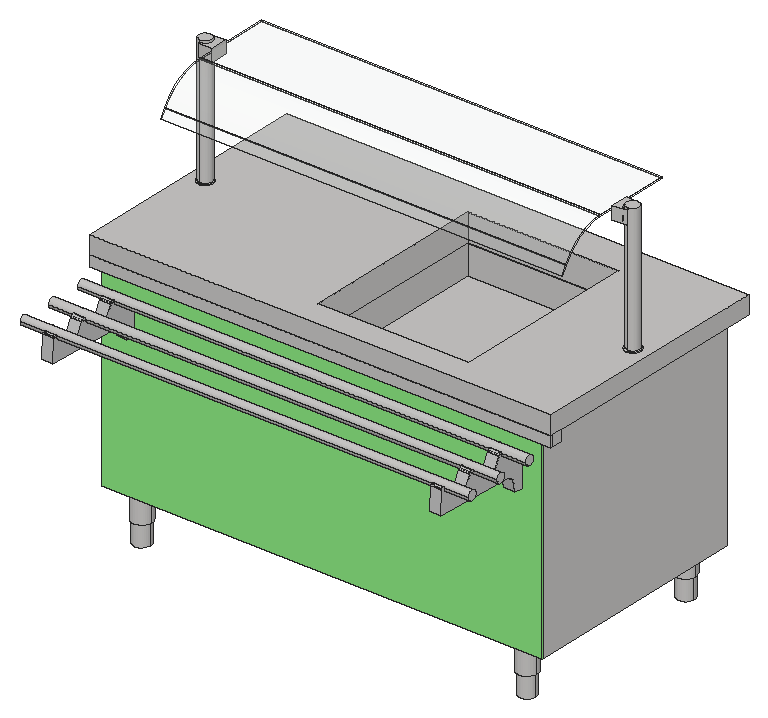
Revit family "QF_BOURGEAT_Self_Meuble_neutre_GN4", category Equipement spécialisé, Revit 2015
Parameters (values of type "GN4_dessus_decoupe+etageres")
  dessus_plat = no
  dessus_decoupe = yes
  URL catalogue = "http://www.bourgeat.fr/fr/"
  URL = ""
  Type de Raccord Electrique = ""
  Type article = ""
  Tension = 0 V
  Spécification du Fabricant = "Meuble_neutre_OASIS"
  Roues = no
  Remarques Electricité = ""
  Puissance électrique  = 0 W
  Profondeur hors tout = 820 mm
  Poids net à vide = 150.00 kg
  Pieds = yes
  lgmeuble = Longueur hors tout - 68 mm  # 1466 mm
  lgconsole = Longueur hors tout - 44 mm  # 1490 mm
  lg_presentoir = lgmeuble - 44 mm  # 1422 mm
  lg_etagere = lgmeuble - 404 mm  # 1062 mm
  Presentoir = no
  Phase = 0
  Nature isolant = "Laine de verre"
  Modèle = "854224+854954"
  Longueur hors tout = 1534 mm
  Intensité nominale = 0 A
  Indice de protection = "21"
  Hauteur hors tout = 900 mm
  Fréquence = 0 Hz
  Fabricant = "BOURGEAT"
  Etageres = yes
  Contact SAV = "0033 (0)4.76.32.14.44"
  Charge max = 150.00 kg
  Certification = "NF alimentaire"
Types (16, lengths in mm): name | dessus_plat | dessus_decoupe | Tension | Roues | Puissance électrique  | Poids net à vide | Pieds | Presentoir | Phase | Modèle | Intensité nominale | Hauteur hors tout | Fréquence | Etageres
  GN4_dessus_decoupe | no | yes | 0 V | no | 0 W | 150.00 kg | yes | no | 0 | "854224" | 0 A | 900 | 0 Hz | no
  GN4_dessus_plat | yes | no | 0 V | no | 0 W | 150.00 kg | yes | no | 0 | "854114" | 0 A | 900 | 0 Hz | no
  GN4_dessus_plat+rampe_chauffante | yes | no | 230 V | no | 640 W | 170.00 kg | yes | yes | 2 | "854114+851324" | 2.78261 A | 1330 | 50 Hz | no
  GN4_dessus_plat+roues | yes | no | 0 V | yes | 0 W | 150.00 kg | no | no | 0 | "854114+854950" | 0 A | 900 | 0 Hz | no
  GN4_dessus_plat+etageres | yes | no | 0 V | no | 0 W | 150.00 kg | yes | no | 0 | "854114+854954" | 0 A | 900 | 0 Hz | yes
  GN4_dessus_plat+rampe_chauffante+roues | yes | no | 230 V | yes | 640 W | 170.00 kg | no | yes | 2 | "854114+851324+854950" | 2.78261 A | 1330 | 50 Hz | no
  GN4_dessus_plat+rampe_chauffante+etageres | yes | no | 230 V | no | 640 W | 170.00 kg | yes | yes | 2 | "854114+851324+854954" | 2.78261 A | 1330 | 50 Hz | yes
  GN4_dessus_plat+roues+etageres | yes | no | 0 V | yes | 0 W | 150.00 kg | no | no | 0 | "854114+854950+854954" | 0 A | 900 | 0 Hz | yes
  GN4_dessus_plat+rampe_chauffante+roues+etageres | yes | no | 230 V | yes | 640 W | 170.00 kg | no | yes | 2 | "854114+851324+854950+854954" | 2.78261 A | 1330 | 50 Hz | yes
  GN4_dessus_decoupe+presentoir_chauffant | no | yes | 230 V | no | 640 W | 170.00 kg | yes | yes | 2 | "854224+851324" | 2.78261 A | 1330 | 50 Hz | no
  GN4_dessus_decoupe+roues | no | yes | 0 V | yes | 0 W | 150.00 kg | no | no | 0 | "854224+854950" | 0 A | 900 | 0 Hz | no
  GN4_dessus_decoupe+etageres | no | yes | 0 V | no | 0 W | 150.00 kg | yes | no | 0 | "854224+854954" | 0 A | 900 | 0 Hz | yes
  GN4_dessus_decoupe+presentoir_chauffant+roues | no | yes | 230 V | yes | 640 W | 170.00 kg | no | yes | 2 | "854224+851324+854950" | 2.78261 A | 1330 | 50 Hz | no
  GN4_dessus_decoupe+presentoir_chauffant+etageres | no | yes | 230 V | no | 640 W | 170.00 kg | yes | yes | 2 | "854224+851324+854954" | 2.78261 A | 1330 | 50 Hz | yes
  GN4_dessus_decoupe+roues+etageres | no | yes | 0 V | yes | 0 W | 150.00 kg | no | no | 0 | "854224+854950+854954" | 0 A | 900 | 0 Hz | yes
  GN4_dessus_decoupe+presentoir_chauffant+roues+etageres | no | yes | 230 V | yes | 640 W | 170.00 kg | no | yes | 2 | "854224+851324+854950+854954" | 2.78261 A | 1330 | 50 Hz | yes
Reference planes
  plane 1 "Centre (avant/arrière)": y = 0
  plane 2: z = 0
  plane 3 "Centre (gauche/droite)": x = 0
  plane 4: z = 235
  plane 5: z = 465
  plane 6: z = 284
  plane 7: z = 640
  plane 8: x = -1397
  plane 9: y = 590
Forms (mm)
  Extrusion 1, solid
    sketch origin (0, 0, 0) x (1, 0, 0) y (0, 1, 0)
      loop
        circle (-1397, 590) r 10
    from 147.533 to 160
Dimensions and locks
  locked: plane 4 to plane 2 at 235
  locked: plane 6 to plane 2 at 284
  locked: plane 7 to plane 2 at 640
  aligned and locked: level to plane 2
  aligned and locked: plane 3 "Centre (gauche/droite)" to nested 1
  aligned and locked: plane 1 "Centre (avant/arrière)" to nested 1
  aligned and locked: nested 3 to nested 1
  aligned and locked: nested 1 to plane 2
  aligned and locked: plane 7 to nested 3
  aligned and locked: nested 5 to nested 1  (x2)
  aligned and locked: nested 4 to nested 1  (x2)
  aligned and locked: plane 4 to nested 5
  aligned and locked: nested 4 to plane 5
  aligned and locked: nested 1 to nested 2
  aligned and locked: nested 7 to nested 1  (x2)
  aligned and locked: nested 7 to nested 2
  aligned and locked: nested 6 to nested 7  (x2)
  aligned and locked: nested 6 to nested 2
  aligned and locked: nested 3 to nested 7
  aligned and locked: plane 8 to Extrusion 1 sketch curve
  aligned and locked: plane 9 to Extrusion 1 sketch curve
  aligned and locked: nested 1 to Extrusion 1
Nested families
  nested 1: "corps_meuble" at (0, 0, 160), type "corps_meuble"
  nested 2: "presentoir" at (-732, 402, 551.997) x (0, 1, 0) z (0, 0, 1), type "presentoir"
    with lg_presentoir 1422 mm
  nested 3: "barre_et_console" at (-732, 0, 465) x (-1, 0, 0) z (0, 0, 1), type "barre_et_console"
    with lg_ht 1534 mm, lg_barre_console 1490 mm
  nested 4: "etagere" at (-733, 80, 427) x (-1, 0, 0) z (0, 0, 1), visible <- "Etageres", type "etagere"
    with lg_etagere 1062 mm
  nested 5: "etagere" at (-733, 80, 197) x (-1, 0, 0) z (0, 0, 1), visible <- "Etageres", type "etagere"
    with lg_etagere 1062 mm
  nested 6: "dessus_decoupe" at (-732, 402, 808), visible <- "dessus_decoupe", type "dessus_découpe"
    with lg_cuve 1534 mm
  nested 7: "dessus_plat" at (-732, 402, 808), visible <- "dessus_plat", type "dessus_plat"
    with lg_cuve 1534 mm
Connectors
  electrical at (-1397, 590, 147.533), driven by "Tension"
    settings: on Extrusion 1, index 1, voltage 0 V, apparent load 0 VA, apparent load phase1 0 VA, apparent load phase2 0 VA, apparent load phase3 0 VA, power factor 1, load classification "Autre", number of poles 1, system type 30, power factor state 1, is connector primary yes, connector utility no, sub classification motor no, connector description ""
Definition of nested family "corps_meuble"
  Parameters (values of type "corps_meuble")
    roues = no
    pieds = yes
    lg_meuble = lg_ht - 70 mm  # 1464 mm
    lg_ht = 1534 mm
  Reference planes
    plane 1 "Centre (avant/arrière)": y = 0
    plane 2: z = 0
    plane 3 "Centre (gauche/droite)": x = 0
    plane 4: x = -480.227
    plane 5: z = 680
    plane 6: x = -732
    plane 7: x = -379.227
    plane 8: x = -1464
    plane 9: x = -1414
    plane 10: x = -202
    plane 11: x = -50
    plane 12: x = -1262
    plane 13: x = -1374
    plane 14: x = -90
    plane 15: z = 519
    plane 16: x = -1371
    plane 17: x = -93
    plane 18: y = 53
    plane 19: y = 712
    plane 20: y = 402
    plane 21: y = -1
  Forms (mm)
    Extrusion 1, solid
      sketch origin (-379.227, -50.814, 0) x (1, 0, 0) y (0, 1, 0)
        loop
          line (-1084.773, 815.814) -> (-1084.773, 50.814) -> (379.227, 50.814) -> (379.227, 815.814) -> (177.227, 815.814) -> (177.227, 130.814) -> (-882.773, 130.814) -> (-882.773, 815.814) -> (-1084.773, 815.814)
      from 0 to 680
    Extrusion 2, void
      sketch origin (-379.227, 0, 0) x (1, 0, 0) y (0, 1, 0)
        loop
          line (-1034.773, 699.99) -> (-1034.773, 119.99) -> (329.227, 119.99) -> (329.227, 699.99) -> (-1034.773, 699.99)
      from 541.178 to 680
    Extrusion 3, solid
      sketch origin (0, 0, 0) x (1, 0, 0) y (0, 1, 0)
        loop
          line (-1414, 699.99) -> (-1414, 119.99) -> (-1262, 119.99) -> (-1262, 699.99) -> (-1414, 699.99)
        loop
          line (-202, 699.99) -> (-202, 119.99) -> (-50, 119.99) -> (-50, 699.99) -> (-202, 699.99)
      from 541.178 to 680
    Extrusion 4, solid
      sketch origin (0, 0, 0) x (1, 0, 0) y (0, 0, 1)
        loop
          line (-1464, 680) -> (-1464, 0) -> (0, 0) -> (0, 680) -> (-1464, 680)
      from 0 to 1
  Cuts and joins
    Extrusion 2 cuts Extrusion 1
  Dimensions and locks
    locked: plane 5 to plane 2 at 680
    locked: plane 8 to plane 9 at 50
    locked: plane 10 to plane 3 "Centre (gauche/droite)" at 202
    locked: plane 11 to plane 3 "Centre (gauche/droite)" at 50
    equal spacing: plane 8, plane 6, plane 3 "Centre (gauche/droite)"
    "lg_meuble": plane 8 to plane 3 "Centre (gauche/droite)"
    locked: plane 8 to plane 12 at 202
    locked: plane 8 to plane 13 at 90
    locked: plane 14 to plane 3 "Centre (gauche/droite)" at 90
    locked: plane 15 to plane 2 at 519
    locked: plane 8 to plane 16 at 93
    locked: plane 17 to plane 3 "Centre (gauche/droite)" at 93
    locked: cut or joined group of Extrusion 1, Extrusion 2 to plane 20 at 363
    aligned and locked: level to plane 2
    aligned and locked: plane 5 to Extrusion 1
    aligned and locked: cut or joined group of Extrusion 1, Extrusion 2 to plane 8
    aligned and locked: Extrusion 2 to plane 9
    aligned and locked: Extrusion 1 to plane 10
    aligned and locked: plane 11 to cut or joined group of Extrusion 1, Extrusion 2
    aligned and locked: plane 12 to cut or joined group of Extrusion 1, Extrusion 2
    aligned and locked: nested 1 to plane 13
    aligned and locked: plane 14 to nested 2
    aligned and locked: nested 2 to cut or joined group of Extrusion 1, Extrusion 2
    aligned and locked: nested 1 to cut or joined group of Extrusion 1, Extrusion 2
    aligned and locked: nested 1 to plane 15
    aligned and locked: nested 2 to plane 15
    aligned and locked: plane 13 to nested 3
    aligned and locked: plane 19 to nested 3
    aligned and locked: nested 4 to plane 18
    aligned and locked: plane 13 to nested 4
    aligned and locked: nested 5 to plane 18
    aligned and locked: plane 17 to nested 5
    aligned and locked: plane 19 to nested 6
    aligned and locked: plane 17 to nested 6
    aligned and locked: plane 17 to nested 9
    aligned and locked: plane 19 to nested 9
    aligned and locked: nested 10 to plane 18
    aligned and locked: plane 17 to nested 10
    aligned and locked: nested 8 to plane 18
    aligned and locked: plane 13 to nested 8
    aligned and locked: plane 13 to nested 7
    aligned and locked: plane 19 to nested 7
    aligned and locked: nested 4 to plane 2
    aligned and locked: nested 3 to plane 2
    aligned and locked: nested 7 to plane 2
    aligned and locked: nested 10 to plane 2
    aligned and locked: nested 9 to plane 2
    aligned and locked: nested 5 to plane 2
    aligned and locked: nested 6 to plane 2
    aligned and locked: Extrusion 3 sketch curve to cut or joined group of Extrusion 1, Extrusion 2  (x8)
    aligned and locked: Extrusion 4 sketch curve to cut or joined group of Extrusion 1, Extrusion 2  (x4)
    aligned and locked: plane 21 to Extrusion 4
  Automatic sketch dimensions
    Extrusion 1 sketch curve to plane 8 = 0 mm
    Extrusion 1 sketch curve to plane 10 = 0 mm
    plane 1 "Centre (avant/arrière)" to Extrusion 1 sketch curve = 0 mm
    Extrusion 1 sketch curve to plane 3 "Centre (gauche/droite)" = 0 mm
    Extrusion 1 sketch curve to plane 1 "Centre (avant/arrière)" = 80 mm
    Extrusion 1 sketch curve to plane 6 = 530 mm
    Extrusion 1 sketch curve to Extrusion 1 sketch curve = 685 mm
    Extrusion 1 sketch curve to Extrusion 1 sketch curve = 765 mm
    Extrusion 2 sketch curve to plane 9 = 0 mm
    Extrusion 2 sketch curve to plane 11 = 0 mm
    Extrusion 2 sketch curve to plane 1 "Centre (avant/arrière)" = 119.99 mm
    Extrusion 2 sketch curve to Extrusion 2 sketch curve = 580 mm
  Nested families
    nested 1: "Prise" at (-1331, 790, 562), type "Prise"
    nested 2: "Prise" at (-133, 790, 562), type "Prise"
    nested 3: "pied" at (-1374, 712, -160), visible <- "pieds", type "pied"
    nested 4: "pied" at (-1374, 53, -160), visible <- "pieds", type "pied"
    nested 5: "pied" at (-93, 53, -160), visible <- "pieds", type "pied"
    nested 6: "pied" at (-93, 712, -160), visible <- "pieds", type "pied"
    nested 7: "roue_ht160" at (-1374, 712, -160.21), visible <- "roues", type "roue_ht160"
      with Sans frein yes, Avec frein yes
    nested 8: "roue_ht160" at (-1374, 53, -160.21), visible <- "roues", type "roue_ht160"
      with Sans frein yes, Avec frein yes
    nested 9: "roue_ht160" at (-93, 712, -160.21), visible <- "roues", type "roue_ht160"
      with Sans frein yes, Avec frein yes
    nested 10: "roue_ht160" at (-93, 53, -160.21), visible <- "roues", type "roue_ht160"
      with Sans frein yes, Avec frein yes
  Definition of nested family "Prise"
    Reference planes
      plane 1 "Centre (avant/arrière)": y = 0
      plane 2: z = 0
      plane 3 "Centre (gauche/droite)": x = 0
      plane 4: x = 43
      plane 5: x = -43
      plane 6: z = 43
      plane 7: z = -43
      plane 8: y = -25
    Forms (mm)
      Extrusion 1, solid
        sketch origin (0, 0, 0) x (1, 0, 0) y (0, 0, 1)
          loop
            line (-43, 43) -> (-43, -43) -> (43, -43) -> (43, 43) -> (-43, 43)
        from 0 to 25
    Dimensions and locks
      locked: plane 8 to plane 1 "Centre (avant/arrière)" at 25
      aligned and locked: level to plane 2
      aligned and locked: Extrusion 1 sketch curve to plane 6
      aligned and locked: Extrusion 1 sketch curve to plane 5
      aligned and locked: Extrusion 1 sketch curve to plane 7
      aligned and locked: Extrusion 1 sketch curve to plane 4
      aligned and locked: Extrusion 1 to plane 8
  Definition of nested family "pied"
    Reference planes
      plane 1 "Centre (avant/arrière)": y = 0
      plane 2: z = 0
      plane 3 "Centre (gauche/droite)": x = 0
    Forms (mm)
      Revolve 1, solid
        sketch origin (0, 0, 0) x (1, 0, 0) y (0, 0, 1)
          loop
            line (0, 160) -> (-33, 160) -> (-33, 70) -> (-28, 70) -> (-28, 0) -> (0, 0) -> (0, 160)
          axis (0, 160) -> (0, 0)
        angle from 0 to 360
    Dimensions and locks
      plane 3 "Centre (gauche/droite)" to Revolve 1 sketch curve = 28 mm
      Revolve 1 sketch curve to plane 3 "Centre (gauche/droite)" = 33 mm
      Revolve 1 sketch curve to plane 2 = 70 mm
      Revolve 1 sketch curve to Revolve 1 sketch curve = 90 mm
      aligned and locked: level to plane 2
  Definition of nested family "roue_ht160"
    Parameters (values of type "roue_ht160")
      Sans frein [instance] = yes
      Avec frein [instance] = yes
    Reference planes
      plane 1 "Centre (avant/arrière)": y = 0
      plane 2: z = 0
      plane 3 "Centre (gauche/droite)": x = 0
      plane 4: y = 40.851
      plane 5: z = 62.5
    Forms (mm)
      Extrusion 1, solid
        sketch origin (0, 0, 0) x (0, 1, 0) y (0, 0, 1)
          loop
            circle (40.851, 62.5) r 62.5
          loop
            circle (40.851, 62.5) r 57.5
        from -12.5 to 12.5
      Revolve 2, solid
        sketch origin (0, 0, 0) x (0, 1, 0) y (0, 0, 1)
          loop
            line (0, 160.21) -> (-20.149, 160.21) -> (-20.149, 159.41) -> (-21.6, 159.41)
            arc (-21.6, 159.41) -> (-24.448, 158.65) -> (-26.537, 156.572) r 5.712
            line (-26.537, 156.572) -> (-30.146, 147.743) -> (-26.999, 147.062) -> (-26.999, 146.112)
            arc (-26.999, 146.112) -> (-27.23, 145.314) -> (-27.849, 144.761) r 1.5
            arc (-27.849, 144.761) -> (-29.223, 143.633) -> (-29.923, 142) r 3.75
            line (-29.923, 142) -> (0, 142) -> (0, 160.21)
          axis (0, 160.21) -> (0, 142)
        angle from 0 to 360
      Extrusion 3, solid
        sketch origin (0, 0, 0) x (0, 1, 0) y (0, 0, -1)
          loop
            line (-29.974, -138.241) -> (-29.974, -142) -> (21.747, -142) -> (21.747, -60.336)
            arc (21.747, -60.336) -> (10.272, -70.702) -> (-0.149, -82.127) r 160.057
            arc (-0.149, -82.127) -> (-17.883, -108.684) -> (-29.974, -138.241) r 159.585
        from -24.913 to -23.038
      Extrusion 4, solid
        sketch origin (0, 0, 0) x (0, 1, 0) y (0, 0, 1)
          loop
            line (-29.974, 142) -> (-29.974, 140.869) -> (21.747, 140.869) -> (21.747, 142) -> (-29.974, 142)
        from -23.038 to 23.038
      Extrusion 5, solid
        sketch origin (0, 0, 0) x (0, 1, 0) y (0, 0, 1)
          loop
            circle (40.851, 62.5) r 57.5
          loop
            circle (40.851, 62.5) r 55
        from -12.5 to 12.5
      Extrusion 6, solid
        sketch origin (0, 0, 0) x (0, 1, 0) y (0, 0, 1)
          loop
            circle (40.851, 62.5) r 55
        from -7 to 7
      Extrusion 7, solid
        sketch origin (0, 0, 0) x (0, 1, 0) y (0, 0, 1)
          loop
            circle (40.851, 62.5) r 21
        from 7 to 15
      Extrusion 8, solid
        sketch origin (0, 0, 0) x (0, 1, 0) y (0, 0, -1)
          loop
            circle (40.851, -62.5) r 16
        from -23.038 to -15
      Extrusion 9, solid, visible <- "Sans frein"
        sketch origin (0, 0, 0) x (0, 1, 0) y (0, 0, 1)
          loop
            arc (21.747, 60.336) -> (23.188, 59.17) -> (24.642, 58.02) r 161.23
            arc (24.642, 58.02) -> (29.34, 54.513) -> (34.187, 51.216) r 133.333
            arc (34.187, 51.216) -> (46.517, 50.3) -> (53.927, 60.198) r 12.867
            arc (53.927, 60.198) -> (54.714, 99.183) -> (46.119, 137.216) r 161.222
            arc (46.119, 137.216) -> (45.679, 138.887) -> (45.531, 140.609) r 10.076
            line (45.531, 140.609) -> (45.531, 142) -> (21.747, 142) -> (21.747, 60.336)
        from 23.038 to 24.913
      Extrusion 10, solid, visible <- "Sans frein"
        sketch origin (0, 0, 0) x (0, 1, 0) y (0, 0, 1)
          loop
            line (21.747, 142) -> (21.747, 140.701) -> (48.851, 140.701) -> (48.851, 142) -> (21.747, 142)
        from -23.038 to 23.038
      Extrusion 11, solid, visible <- "Avec frein"
        sketch origin (0, 0, 0) x (0, 1, 0) y (0, 0, 1)
          loop
            line (21.747, 142) -> (21.747, 60.336)
            arc (21.747, 60.336) -> (23.177, 59.179) -> (24.62, 58.038) r 160.008
            arc (24.62, 58.038) -> (29.041, 54.705) -> (33.574, 51.527) r 160
            arc (33.574, 51.527) -> (46.135, 50.422) -> (53.724, 60.491) r 13
            arc (53.724, 60.491) -> (55.279, 82.092) -> (53.902, 103.704) r 160
            arc (53.902, 103.704) -> (55.53, 108.653) -> (60.415, 110.463) r 6
            arc (60.415, 110.463) -> (80.625, 109.924) -> (100.725, 112.107) r 150
            arc (100.725, 112.107) -> (104.408, 113.406) -> (107.479, 115.819) r 12
            line (107.479, 115.819) -> (110.851, 121.523)
            arc (110.851, 121.523) -> (85.913, 134.651) -> (58.706, 142) r 127.902
            line (58.706, 142) -> (21.747, 142)
        from 23.038 to 24.913
      Extrusion 12, solid, visible <- "Avec frein"
        sketch origin (0, 0, 0) x (0, 1, 0) y (0, 0, 1)
          loop
            line (58.706, 142) -> (21.747, 142) -> (21.747, 140) -> (58.552, 140)
            arc (58.552, 140) -> (85.253, 132.762) -> (109.73, 119.866) r 125.902
            line (109.73, 119.866) -> (110.851, 121.523)
            arc (110.851, 121.523) -> (85.913, 134.651) -> (58.706, 142) r 127.902
        from -23.038 to 23.038
      Extrusion 13, solid, visible <- "Avec frein"
        sketch origin (0, 19.896, 18.175) x (0, 1, 0) y (0, 0, 1)
          loop
            line (87.583, 97.644) -> (91.829, 95.227)
            arc (91.829, 95.227) -> (93.8, 95.006) -> (95.312, 96.29) r 2.5
            arc (95.312, 96.29) -> (103.495, 100.002) -> (111.176, 104.666) r 74.999
            line (111.176, 104.666) -> (110.852, 105.929)
            arc (110.852, 105.929) -> (110.04, 107.086) -> (108.666, 107.417) r 2
            arc (108.666, 107.417) -> (101.396, 105.849) -> (94.512, 103.034) r 42.354
            line (94.512, 103.034) -> (93.479, 101.228) -> (93.285, 100.414) -> (91.69, 101.675) -> (90.401, 102.412) -> (87.583, 97.644)
        from -23.038 to 23.038
      Extrusion 14, solid, not visible
        sketch origin (0, 0, 0) x (0, 1, 0) y (0, 0, -1)
          loop
            line (-29.974, -138.241) -> (-29.974, -142) -> (21.747, -142) -> (21.747, -60.336)
            arc (21.747, -60.336) -> (10.272, -70.702) -> (-0.149, -82.127) r 160.057
            arc (-0.149, -82.127) -> (-17.883, -108.684) -> (-29.974, -138.241) r 159.585
        from -24.913 to -23.038
      Extrusion 15, solid, not visible
        sketch origin (0, 0, 0) x (0, 1, 0) y (0, 0, 1)
          loop
            circle (40.851, 62.5) r 21
        from 7 to 15
      Extrusion 16, solid, not visible
        sketch origin (0, 0, 0) x (0, 1, 0) y (0, 0, -1)
          loop
            circle (40.851, -62.5) r 16
        from -23.038 to -15
      Extrusion 17, solid, visible <- "Sans frein", not visible
        sketch origin (0, 0, 0) x (0, 1, 0) y (0, 0, 1)
          loop
            arc (21.747, 60.336) -> (23.188, 59.17) -> (24.642, 58.02) r 161.23
            arc (24.642, 58.02) -> (29.34, 54.513) -> (34.187, 51.216) r 133.333
            arc (34.187, 51.216) -> (46.517, 50.3) -> (53.927, 60.198) r 12.867
            arc (53.927, 60.198) -> (54.714, 99.183) -> (46.119, 137.216) r 161.222
            arc (46.119, 137.216) -> (45.679, 138.887) -> (45.531, 140.609) r 10.076
            line (45.531, 140.609) -> (45.531, 142) -> (21.747, 142) -> (21.747, 60.336)
        from 23.038 to 24.913
      Extrusion 18, solid, visible <- "Avec frein", not visible
        sketch origin (0, 0, 0) x (0, 1, 0) y (0, 0, 1)
          loop
            line (21.747, 142) -> (21.747, 60.336)
            arc (21.747, 60.336) -> (23.177, 59.179) -> (24.62, 58.038) r 160.008
            arc (24.62, 58.038) -> (29.041, 54.705) -> (33.574, 51.527) r 160
            arc (33.574, 51.527) -> (46.135, 50.422) -> (53.724, 60.491) r 13
            arc (53.724, 60.491) -> (55.279, 82.092) -> (53.902, 103.704) r 160
            arc (53.902, 103.704) -> (55.53, 108.653) -> (60.415, 110.463) r 6
            arc (60.415, 110.463) -> (80.625, 109.924) -> (100.725, 112.107) r 150
            arc (100.725, 112.107) -> (104.408, 113.406) -> (107.479, 115.819) r 12
            line (107.479, 115.819) -> (110.851, 121.523)
            arc (110.851, 121.523) -> (85.913, 134.651) -> (58.706, 142) r 127.902
            line (58.706, 142) -> (21.747, 142)
        from 23.038 to 24.913
      Extrusion 19, solid
        sketch origin (0, 0, 0) x (0, -1, 0) y (0, 0, -1)
          loop
            arc (29.974, -138.241) -> (17.883, -108.684) -> (0.149, -82.127) r 159.585
            arc (0.149, -82.127) -> (-10.272, -70.702) -> (-21.747, -60.336) r 160.057
            line (-21.747, -60.336) -> (-21.747, -142) -> (29.974, -142) -> (29.974, -138.241)
        from -24.913 to -23.038
      Extrusion 20, solid
        sketch origin (0, 0, 0) x (0, -1, 0) y (0, 0, 1)
          loop
            circle (-40.851, 62.5) r 21
        from 7 to 15
      Extrusion 21, solid
        sketch origin (0, 0, 0) x (0, -1, 0) y (0, 0, -1)
          loop
            circle (-40.851, -62.5) r 16
        from -23.038 to -15
      Extrusion 22, solid, visible <- "Sans frein"
        sketch origin (0, 0, 0) x (0, -1, 0) y (0, 0, 1)
          loop
            line (-21.747, 60.336) -> (-21.747, 142) -> (-45.531, 142) -> (-45.531, 140.609)
            arc (-45.531, 140.609) -> (-45.679, 138.887) -> (-46.119, 137.216) r 10.076
            arc (-46.119, 137.216) -> (-54.714, 99.183) -> (-53.927, 60.198) r 161.222
            arc (-53.927, 60.198) -> (-46.517, 50.3) -> (-34.187, 51.216) r 12.867
            arc (-34.187, 51.216) -> (-29.34, 54.513) -> (-24.642, 58.02) r 133.333
            arc (-24.642, 58.02) -> (-23.188, 59.17) -> (-21.747, 60.336) r 161.23
        from 23.038 to 24.913
      Extrusion 23, solid, visible <- "Avec frein"
        sketch origin (0, 0, 0) x (0, -1, 0) y (0, 0, 1)
          loop
            line (-21.747, 142) -> (-58.706, 142)
            arc (-58.706, 142) -> (-85.913, 134.651) -> (-110.851, 121.523) r 127.902
            line (-110.851, 121.523) -> (-107.479, 115.819)
            arc (-107.479, 115.819) -> (-104.408, 113.406) -> (-100.725, 112.107) r 12
            arc (-100.725, 112.107) -> (-80.625, 109.924) -> (-60.415, 110.463) r 150
            arc (-60.415, 110.463) -> (-55.53, 108.653) -> (-53.902, 103.704) r 6
            arc (-53.902, 103.704) -> (-55.279, 82.092) -> (-53.724, 60.491) r 160
            arc (-53.724, 60.491) -> (-46.135, 50.422) -> (-33.574, 51.527) r 13
            arc (-33.574, 51.527) -> (-29.041, 54.705) -> (-24.62, 58.038) r 160
            arc (-24.62, 58.038) -> (-23.177, 59.179) -> (-21.747, 60.336) r 160.008
            line (-21.747, 60.336) -> (-21.747, 142)
        from 23.038 to 24.913
    Dimensions and locks
      aligned and locked: level to plane 2
Definition of nested family "presentoir"
  Parameters (values of type "presentoir")
    lg_presentoir = 1097 mm
  Reference planes
    plane 1 "Centre (avant/arrière)": y = 0
    plane 2: z = 0
    plane 3 "Centre (gauche/droite)": x = 0
    plane 4: x = 0
    plane 5: y = 0
    plane 6: z = 348.003
    plane 7: z = 775.003
    plane 8: z = 353.003
    plane 9: z = 770.54
    plane 10: z = 727.003
    plane 11: y = 548.5
    plane 12: y = -548.5
    plane 13: y = 548.5
    plane 14: y = -548.5
  Forms (mm)
    Extrusion 1, solid
      sketch origin (0, 0, 0) x (1, 0, 0) y (0, 0, 1)
        loop
          line (-240.07, 650.474) -> (-234.874, 647.474) -> (-219.875, 673.453)
          arc (-219.875, 673.453) -> (-158.748, 734.58) -> (-75.248, 756.953) r 167
          line (-75.248, 756.953) -> (179.75, 756.953) -> (179.75, 762.953) -> (-75.248, 762.953)
          arc (-75.248, 762.953) -> (-161.33, 740.45) -> (-224.372, 677.664) r 170.59
          line (-224.372, 677.664) -> (-240.07, 650.474)
      from -503.5 to 503.5
    Extrusion 2, solid
      sketch origin (0, 0, 0) x (1, 0, 0) y (0, 1, 0)
        loop
          line (-25, 548.5) -> (-30.461, 503.5) -> (30.461, 503.5) -> (25, 548.5)
          arc (25, 548.5) -> (0, 523.5) -> (-25, 548.5) r 25
        loop
          arc (-25, -548.5) -> (0, -523.5) -> (25, -548.5) r 25
          line (25, -548.5) -> (30.461, -503.5) -> (-30.461, -503.5) -> (-25, -548.5)
      from 727.003 to 770.54
    Extrusion 3, solid
      sketch origin (0, -396.5, 0) x (1, 0, 0) y (0, 1, 0)
        loop
          circle (0, 945) r 21.2
        loop
          circle (0, -152) r 21.2
      from 353.003 to 775.003
    Revolve 4, solid
      sketch origin (0, 0, 0) x (0, 1, 0) y (0, 0, 1)
        loop
          line (-548.5, 353.003) -> (-569.7, 353.003) -> (-573.5, 349.203) -> (-573.5, 348.003) -> (-548.5, 348.003) -> (-548.5, 353.003)
        axis (-548.5, 353.003) -> (-548.5, 348.003)
      angle from 0 to 360
    Revolve 5, solid
      sketch origin (0, 0, 0) x (0, -1, 0) y (0, 0, 1)
        loop
          line (-548.5, 353.003) -> (-569.7, 353.003) -> (-573.5, 349.203) -> (-573.5, 348.003) -> (-548.5, 348.003) -> (-548.5, 353.003)
        axis (-548.5, 353.003) -> (-548.5, 348.003)
      angle from 0 to 360
  Dimensions and locks
    equal spacing: plane 11, plane 1 "Centre (avant/arrière)", plane 12
    "lg_presentoir": plane 11 to plane 12
    locked: Extrusion 2 sketch curve to plane 14 at 45
    locked: plane 13 to Extrusion 2 sketch curve at 45
    aligned and locked: level to plane 2
    aligned and locked: plane 3 "Centre (gauche/droite)" to plane 4
    aligned and locked: Extrusion 3 to plane 7
    aligned and locked: plane 8 to Extrusion 3
    aligned and locked: Extrusion 2 to plane 9
    aligned and locked: plane 10 to Extrusion 2
    aligned and locked: plane 1 "Centre (avant/arrière)" to plane 5
    aligned and locked: plane 11 to Extrusion 3
    aligned and locked: plane 12 to Extrusion 3
    aligned and locked: plane 13 to plane 11
    aligned and locked: plane 14 to plane 12
    aligned and locked: Extrusion 1 to Extrusion 2  (x2)
  Automatic sketch dimensions
    Extrusion 1 sketch curve to plane 3 "Centre (gauche/droite)" = 240.07 mm
    plane 10 to Extrusion 1 sketch curve = 79.529 mm
    Extrusion 1 sketch curve to Extrusion 1 sketch curve = 5.196 mm
    plane 10 to Extrusion 1 sketch curve = 49.34 mm
    Extrusion 1 sketch curve to Extrusion 1 sketch curve = 15.698 mm
    plane 10 to Extrusion 1 sketch curve = 53.55 mm
    Extrusion 1 sketch curve to plane 3 "Centre (gauche/droite)" = 76.636 mm
    Extrusion 1 sketch curve to Extrusion 1 sketch curve = 1.388 mm
    Extrusion 1 sketch curve to Extrusion 1 sketch curve = 0 mm
    plane 9 to Extrusion 1 sketch curve = 13.587 mm
    plane 3 "Centre (gauche/droite)" to Extrusion 1 sketch curve = 179.75 mm
    Extrusion 1 sketch curve to Extrusion 1 sketch curve = 2.415 mm
    Extrusion 2 sketch curve to plane 14 = 0 mm
    plane 11 to Extrusion 2 sketch curve = 0 mm
    Extrusion 2 sketch curve to plane 3 "Centre (gauche/droite)" = 0 mm  (x2)
    Extrusion 2 sketch curve to Extrusion 2 sketch curve = 25 mm  (x2)
    Extrusion 2 sketch curve to plane 3 "Centre (gauche/droite)" = 30.461 mm  (x2)
    plane 3 "Centre (gauche/droite)" to Extrusion 2 sketch curve = 30.461 mm  (x2)
    Extrusion 3 sketch curve to plane 3 "Centre (gauche/droite)" = 0 mm  (x2)
    Extrusion 3 sketch curve to plane 12 = 0 mm
    plane 11 to Extrusion 3 sketch curve = 0 mm
    Revolve 4 sketch curve to plane 6 = 0 mm
    Revolve 4 sketch curve to plane 8 = 0 mm
    Revolve 4 sketch curve to plane 12 = 0 mm  (x2)
    Revolve 4 sketch curve to Revolve 4 sketch curve = 21.2 mm
    Revolve 4 sketch curve to Revolve 4 sketch curve = 3.8 mm
    Revolve 4 sketch curve to Revolve 4 sketch curve = 1.2 mm
    Revolve 4 sketch curve to plane 6 = 14.256 mm
    plane 8 to Revolve 4 sketch curve = 30.744 mm
    Revolve 5 sketch curve to plane 6 = 0 mm
    plane 8 to Revolve 5 sketch curve = 0 mm
    Revolve 5 sketch curve to plane 11 = 0 mm  (x2)
    Revolve 5 sketch curve to plane 11 = 21.2 mm
    Revolve 5 sketch curve to Revolve 5 sketch curve = 3.8 mm
    Revolve 5 sketch curve to Revolve 5 sketch curve = 1.2 mm
    plane 6 to Revolve 5 sketch curve = 14.256 mm
    Revolve 5 sketch curve to Revolve 5 sketch curve = 30.744 mm
    radius of Extrusion 3 sketch curve = 21.2 mm  (x2)
Definition of nested family "barre_et_console"
  Parameters (values of type "barre_et_console")
    lg_ht = 884 mm
    lg_barre_console = lg_ht - 44 mm  # 840 mm
  Reference planes
    plane 1 "Centre (avant/arrière)": y = 0
    plane 2: z = 0
    plane 3 "Centre (gauche/droite)": x = 0
    plane 4: x = -420
    plane 5: x = 420
    plane 6: x = -320
    plane 7: x = 320
    plane 8: z = 320.378
    plane 9: z = 175
  Dimensions and locks
    locked: plane 4 to plane 6 at 100
    locked: plane 7 to plane 5 at 100
    equal spacing: plane 4, plane 3 "Centre (gauche/droite)", plane 5
    "lg_barre_console": plane 4 to plane 5
    aligned and locked: level to plane 2
    aligned and locked: nested 1 to plane 1 "Centre (avant/arrière)"
    aligned and locked: plane 6 to nested 1
    aligned and locked: plane 7 to nested 2
    aligned and locked: plane 5 to nested 3
    aligned and locked: nested 3 to plane 4
    aligned and locked: plane 8 to nested 3
    aligned and locked: plane 9 to nested 1
  Nested families
    nested 1: "console" at (-320, 0, 0) x (0, 1, 0) z (0, 0, 1), type "console"
    nested 2: "console" at (320, 0, 0) x (0, 1, 0) z (0, 0, 1), type "console"
    nested 3: "barre" at (420, 0, 19.415) x (0, 1, 0) z (0, 0, 1), type "barre"
  Definition of nested family "console"
    Reference planes
      plane 1 "Centre (avant/arrière)": y = 0
      plane 2: z = 0
      plane 3 "Centre (gauche/droite)": x = 0
      plane 4: y = 18
      plane 5: y = -18
      plane 6: y = 0
    Forms (mm)
      Extrusion 1, solid
        sketch origin (-12.245, 0, 175) x (1, 0, 0) y (0, 0, 1)
          loop
            line (12.245, 100) -> (12.245, 0) -> (39.579, 4.82) -> (50.894, 44.279)
            arc (50.894, 44.279) -> (55.986, 52.254) -> (64.592, 56.187) r 16.714
            line (64.592, 56.187) -> (348.499, 69.146) -> (343.309, 143.358)
            arc (343.309, 143.358) -> (342.973, 144.595) -> (342.189, 145.609) r 3.292
            line (342.189, 145.609) -> (337.923, 148.439)
            arc (337.923, 148.439) -> (337.371, 148.545) -> (336.906, 148.229) r 0.731
            arc (336.906, 148.229) -> (320.176, 130.386) -> (309.012, 152.149) r 14.958
            arc (309.012, 152.149) -> (308.597, 152.587) -> (308.001, 152.491) r 0.646
            line (308.001, 152.491) -> (297.265, 144.401) -> (278.874, 108.385)
            arc (278.874, 108.385) -> (262.102, 99.164) -> (245.329, 108.385) r 19.864
            line (245.329, 108.385) -> (229.634, 139.188) -> (217.945, 148.321)
            arc (217.945, 148.321) -> (217.306, 148.53) -> (216.976, 147.944) r 0.53
            arc (216.976, 147.944) -> (200.124, 130.629) -> (188.973, 152.064) r 14.905
            arc (188.973, 152.064) -> (188.691, 152.524) -> (188.154, 152.476) r 0.511
            line (188.154, 152.476) -> (177.098, 144.144) -> (158.855, 108.341)
            arc (158.855, 108.341) -> (142.039, 98.901) -> (125.223, 108.341) r 19.698
            line (125.223, 108.341) -> (109.334, 139.526) -> (97.932, 148.434)
            arc (97.932, 148.434) -> (97.187, 148.438) -> (96.994, 147.718) r 0.61
            arc (96.994, 147.718) -> (79.923, 130.663) -> (69.024, 152.192) r 14.902
            arc (69.024, 152.192) -> (68.66, 152.548) -> (68.158, 152.464) r 0.563
            line (68.158, 152.464) -> (57.103, 144.336) -> (39.164, 108.745)
            arc (39.164, 108.745) -> (33.443, 102.448) -> (25.295, 100) r 15.908
            line (25.295, 100) -> (12.245, 100)
        from -18 to 18
    Dimensions and locks
      plane 4 to plane 5 = 36 mm
      equal spacing: plane 4, plane 6, plane 5, locked at 18 each
      aligned and locked: level to plane 2
      aligned and locked: plane 4 to Extrusion 1
      aligned and locked: Extrusion 1 to plane 5
      aligned and locked: plane 6 to plane 1 "Centre (avant/arrière)"
      aligned and locked: Extrusion 1 to plane 3 "Centre (gauche/droite)"
    Automatic sketch dimensions
      Extrusion 1 sketch curve to Extrusion 1 sketch curve = 12.714 mm
      Extrusion 1 sketch curve to Extrusion 1 sketch curve = 13.05 mm
      Extrusion 1 sketch curve to Extrusion 1 sketch curve = 14.206 mm
      Extrusion 1 sketch curve to Extrusion 1 sketch curve = 27.334 mm
      Extrusion 1 sketch curve to Extrusion 1 sketch curve = 11.315 mm
      Extrusion 1 sketch curve to Extrusion 1 sketch curve = 17.938 mm
      Extrusion 1 sketch curve to Extrusion 1 sketch curve = 13.698 mm
      Extrusion 1 sketch curve to Extrusion 1 sketch curve = 16.057 mm
      Extrusion 1 sketch curve to Extrusion 1 sketch curve = 11.055 mm
      Extrusion 1 sketch curve to Extrusion 1 sketch curve = 0.333 mm
      Extrusion 1 sketch curve to Extrusion 1 sketch curve = 13.785 mm
      Extrusion 1 sketch curve to Extrusion 1 sketch curve = 15.28 mm
      Extrusion 1 sketch curve to Extrusion 1 sketch curve = 0.376 mm
      Extrusion 1 sketch curve to Extrusion 1 sketch curve = 11.401 mm
      Extrusion 1 sketch curve to Extrusion 1 sketch curve = 15.89 mm
      Extrusion 1 sketch curve to Extrusion 1 sketch curve = 16.816 mm  (x2)
      Extrusion 1 sketch curve to Extrusion 1 sketch curve = 18.243 mm
      Extrusion 1 sketch curve to Extrusion 1 sketch curve = 11.057 mm
      Extrusion 1 sketch curve to Extrusion 1 sketch curve = 0.308 mm
      Extrusion 1 sketch curve to Extrusion 1 sketch curve = 13.831 mm
      Extrusion 1 sketch curve to Extrusion 1 sketch curve = 15.204 mm
      Extrusion 1 sketch curve to Extrusion 1 sketch curve = 0.447 mm
      Extrusion 1 sketch curve to Extrusion 1 sketch curve = 11.69 mm
      Extrusion 1 sketch curve to Extrusion 1 sketch curve = 15.695 mm
      Extrusion 1 sketch curve to Extrusion 1 sketch curve = 16.772 mm  (x2)
      Extrusion 1 sketch curve to Extrusion 1 sketch curve = 18.391 mm
      Extrusion 1 sketch curve to Extrusion 1 sketch curve = 10.737 mm
      Extrusion 1 sketch curve to Extrusion 1 sketch curve = 0.389 mm
      Extrusion 1 sketch curve to Extrusion 1 sketch curve = 13.868 mm
      Extrusion 1 sketch curve to Extrusion 1 sketch curve = 15.261 mm
      Extrusion 1 sketch curve to Extrusion 1 sketch curve = 0.404 mm
      Extrusion 1 sketch curve to Extrusion 1 sketch curve = 2.506 mm
      Extrusion 1 sketch curve to Extrusion 1 sketch curve = 2.164 mm
      Extrusion 1 sketch curve to Extrusion 1 sketch curve = 1.12 mm
      Extrusion 1 sketch curve to Extrusion 1 sketch curve = 5.189 mm
      Extrusion 1 sketch curve to Extrusion 1 sketch curve = 4.639 mm
      Extrusion 1 sketch curve to Extrusion 1 sketch curve = 55.721 mm
      Extrusion 1 sketch curve to Extrusion 1 sketch curve = 8.745 mm
      Extrusion 1 sketch curve to Extrusion 1 sketch curve = 10.259 mm
      Extrusion 1 sketch curve to Extrusion 1 sketch curve = 10.642 mm
      Extrusion 1 sketch curve to Extrusion 1 sketch curve = 9.133 mm
      Extrusion 1 sketch curve to Extrusion 1 sketch curve = 31.185 mm
      Extrusion 1 sketch curve to Extrusion 1 sketch curve = 35.803 mm
      Extrusion 1 sketch curve to Extrusion 1 sketch curve = 35.592 mm
      Extrusion 1 sketch curve to Extrusion 1 sketch curve = 3.24 mm
      Extrusion 1 sketch curve to Extrusion 1 sketch curve = 2.946 mm
      Extrusion 1 sketch curve to Extrusion 1 sketch curve = 1.042 mm
      Extrusion 1 sketch curve to Extrusion 1 sketch curve = 0.609 mm
      Extrusion 1 sketch curve to Extrusion 1 sketch curve = 8.427 mm
      Extrusion 1 sketch curve to Extrusion 1 sketch curve = 0.286 mm
      Extrusion 1 sketch curve to Extrusion 1 sketch curve = 0.481 mm
      Extrusion 1 sketch curve to Extrusion 1 sketch curve = 0.516 mm
      Extrusion 1 sketch curve to Extrusion 1 sketch curve = 7.674 mm
      Extrusion 1 sketch curve to Extrusion 1 sketch curve = 7.924 mm
      Extrusion 1 sketch curve to Extrusion 1 sketch curve = 0.453 mm
      Extrusion 1 sketch curve to Extrusion 1 sketch curve = 0.408 mm
      Extrusion 1 sketch curve to Extrusion 1 sketch curve = 0.533 mm
      Extrusion 1 sketch curve to Extrusion 1 sketch curve = 0.511 mm
      Extrusion 1 sketch curve to Extrusion 1 sketch curve = 0.622 mm
      Extrusion 1 sketch curve to Extrusion 1 sketch curve = 4.82 mm
      Extrusion 1 sketch curve to Extrusion 1 sketch curve = 34.82 mm
      Extrusion 1 sketch curve to Extrusion 1 sketch curve = 76.232 mm
      Extrusion 1 sketch curve to Extrusion 1 sketch curve = 37.038 mm
      Extrusion 1 sketch curve to Extrusion 1 sketch curve = 39.239 mm
      Extrusion 1 sketch curve to Extrusion 1 sketch curve = 30.803 mm
      Extrusion 1 sketch curve to Extrusion 1 sketch curve = 34.743 mm
      Extrusion 1 sketch curve to Extrusion 1 sketch curve = 0.23 mm
      Extrusion 1 sketch curve to Extrusion 1 sketch curve = 36.015 mm
      Extrusion 1 sketch curve to Extrusion 1 sketch curve = 2.071 mm
      Extrusion 1 sketch curve to Extrusion 1 sketch curve = 7.575 mm
      Extrusion 1 sketch curve to plane 3 "Centre (gauche/droite)" = 0 mm
      level to Extrusion 1 sketch curve = 175 mm
  Definition of nested family "barre"
    Parameters (values of type "barre")
      lg_barre = 840 mm
    Reference planes
      plane 1 "Centre (avant/arrière)": y = 0
      plane 2: z = 0
      plane 3 "Centre (gauche/droite)": x = 0
      plane 4: x = 70
      plane 5: x = 190
      plane 6: x = 309
      plane 7: z = 300.963
      plane 8: z = 94.658
      plane 9: y = 0
      plane 10: y = 840
    Forms (mm)
      Extrusion 1, solid
        sketch origin (0, 0, 0) x (1, 0, 0) y (0, 0, 1)
          loop
            circle (70, 300.963) r 15
          loop
            circle (190, 300.963) r 15
          loop
            circle (309, 300.963) r 15
        from 0 to -840
    Dimensions and locks
      plane 4 to plane 3 "Centre (gauche/droite)" = 70 mm
      plane 6 to plane 5 to plane 4 = 119 mm, 120 mm
      "lg_barre": plane 10 to plane 1 "Centre (avant/arrière)"
      aligned and locked: level to plane 2
      aligned and locked: Extrusion 1 to plane 9
      aligned and locked: plane 9 to plane 1 "Centre (avant/arrière)"
      aligned and locked: plane 10 to Extrusion 1
    Automatic sketch dimensions
      Extrusion 1 sketch curve to plane 4 = 0 mm
      Extrusion 1 sketch curve to plane 5 = 0 mm
      Extrusion 1 sketch curve to plane 6 = 0 mm
      Extrusion 1 sketch curve to plane 7 = 0 mm  (x3)
      radius of Extrusion 1 sketch curve = 15 mm  (x3)
Definition of nested family "etagere"
  Parameters (values of type "etagere")
    lg_etagere = 412 mm
  Reference planes
    plane 1 "Centre (avant/arrière)": y = 0
    plane 2: z = 0
    plane 3 "Centre (gauche/droite)": x = 0
    plane 4: y = -625
    plane 5: y = -623
    plane 6: y = -2
    plane 7: x = 0
  Forms (mm)
    Extrusion 1, solid
      sketch origin (0, 0, 0) x (0, 1, 0) y (0, 0, 1)
        loop
          line (0, 119.481) -> (-2, 119.481) -> (-2, 40) -> (-625, 40) -> (-625, 0) -> (-623, 0) -> (-623, 38) -> (0, 38) -> (0, 119.481)
      from -206 to 206
  Dimensions and locks
    locked: plane 6 to plane 1 "Centre (avant/arrière)" at 2
    locked: plane 4 to plane 5 at 2
    plane 4 to plane 1 "Centre (avant/arrière)" = 625 mm
    equal spacing: Extrusion 1, plane 7, Extrusion 1
    "lg_etagere": Extrusion 1 to Extrusion 1
    aligned and locked: level to plane 2
    aligned and locked: plane 2 to Extrusion 1 sketch curve
    aligned and locked: plane 1 "Centre (avant/arrière)" to Extrusion 1 sketch curve
    aligned and locked: plane 4 to Extrusion 1
    aligned and locked: plane 5 to Extrusion 1
    aligned and locked: Extrusion 1 to plane 6
    aligned and locked: plane 3 "Centre (gauche/droite)" to plane 7
  Automatic sketch dimensions
    Extrusion 1 sketch curve to plane 4 = 0 mm
    Extrusion 1 sketch curve to plane 5 = 0 mm
    Extrusion 1 sketch curve to plane 6 = 0 mm
    level to Extrusion 1 sketch curve = 38 mm
    Extrusion 1 sketch curve to Extrusion 1 sketch curve = 2 mm
    Extrusion 1 sketch curve to Extrusion 1 sketch curve = 79.481 mm
Definition of nested family "dessus_decoupe"
  Parameters (values of type "dessus_découpe")
    lg_cuve = 1209 mm
  Reference planes
    plane 1 "Centre (avant/arrière)": y = 0
    plane 2: z = 0
    plane 3 "Centre (gauche/droite)": x = 0
    plane 4: y = 410
    plane 5: y = -410
    plane 6: x = -604.5
    plane 7: x = 604.5
    plane 8: z = 92
    plane 9: y = 330
    plane 10: y = -330
    plane 11: x = 492.5
    plane 12: x = -492.5
    plane 13: z = 2
    plane 14: y = -332
    plane 15: x = -494.5
    plane 16: y = 332
    plane 17: x = 494.5
    plane 18: z = 32
    plane 19: y = -408
    plane 20: z = 82
    plane 21: z = -4
    plane 22: z = 95
    plane 23: y = -327
    plane 24: y = 300
    plane 25: x = 266.5
    plane 26: x = -240.5
    plane 27: z = -101.094
  Forms (mm)
    Extrusion 1, solid
      sketch origin (12, -10, 0) x (1, 0, 0) y (0, 1, 0)
        loop
          line (-616.5, 420) -> (-616.5, -400) -> (592.5, -400) -> (592.5, 420) -> (-616.5, 420)
      from 0 to 92
    Extrusion 2, void
      sketch origin (0, 0, 0) x (1, 0, 0) y (0, 1, 0)
        loop
          line (-494.5, 332) -> (-494.5, -332) -> (494.5, -332) -> (494.5, 332) -> (-494.5, 332)
        loop
          line (-674.5, 480) -> (-674.5, -480) -> (674.5, -480) -> (674.5, 480) -> (-674.5, 480)
      from 0 to 32
    Extrusion 3, solid
      sketch origin (0, 0, 0) x (1, 0, 0) y (0, 1, 0)
        loop
          line (-604.5, -408) -> (-604.5, -410) -> (604.5, -410) -> (604.5, -408) -> (-604.5, -408)
      from -4 to 32
    Extrusion 4, solid
      sketch origin (0, 0, 0) x (0, 1, 0) y (0, 0, 1)
        loop
          line (-408, -4) -> (-370, -4) -> (-370, 32) -> (-408, 32) -> (-408, -4)
      from -604.5 to 604.5
    Extrusion 5, solid
      sketch origin (0, 0, 0) x (1, 0, 0) y (0, 1, 0)
        loop
          line (-240.5, 300) -> (-240.5, -327) -> (266.5, -327) -> (266.5, 300) -> (-240.5, 300)
      from 0 to -101.094
    Extrusion 6, void
      sketch origin (0, 0, 0) x (1, 0, 0) y (0, 1, 0)
        loop
          line (-238.5, 298) -> (-238.5, -325) -> (264.5, -325) -> (264.5, 298) -> (-238.5, 298)
      from 146.6 to -99
  Cuts and joins
    Extrusion 2, Extrusion 6 cuts Extrusion 1
    Extrusion 6 cuts Extrusion 5
  Dimensions and locks
    equal spacing: plane 4, plane 1 "Centre (avant/arrière)", plane 5, locked at 410 each
    plane 4 to plane 5 = 820 mm
    equal spacing: plane 6, plane 3 "Centre (gauche/droite)", plane 7
    "lg_cuve": plane 6 to plane 7
    plane 8 to plane 2 = 92 mm
    locked: plane 13 to plane 2 at 2
    plane 5 to plane 10 = 80 mm
    plane 4 to plane 9 = 80 mm
    plane 11 to plane 7 = 112 mm
    plane 6 to plane 12 = 112 mm
    locked: plane 16 to plane 9 at 2
    locked: plane 15 to plane 12 at 2
    locked: plane 14 to plane 10 at 2
    locked: plane 11 to plane 17 at 2
    locked: Extrusion 2 sketch curve to plane 6 at 70
    locked: Extrusion 2 sketch curve to plane 5 at 70
    locked: plane 7 to Extrusion 2 sketch curve at 70
    locked: Extrusion 2 sketch curve to plane 4 at 70
    locked: plane 8 to plane 18 at 60
    locked: plane 5 to plane 19 at 2
    locked: plane 21 to plane 18 at 36
    plane 25 to plane 7 = 338 mm
    plane 26 to plane 25 = 507 mm
    plane 5 to plane 23 = 83 mm
    plane 24 to plane 23 = 627 mm
    locked: Extrusion 5 to Extrusion 6 sketch curve at 2
    locked: plane 26 to Extrusion 6 sketch curve at 2
    locked: Extrusion 6 sketch curve to Extrusion 5 at 2
    locked: cut or joined group of Extrusion 5, Extrusion 6 to Extrusion 6 sketch curve at 2
    plane 8 to plane 27 = 193.094 mm
    cut or joined group of Extrusion 5, Extrusion 6 to plane 27 = 2.094 mm
    aligned and locked: plane 2 to level
    aligned and locked: plane 6 to Extrusion 1 sketch curve
    aligned and locked: Extrusion 1 sketch curve to plane 7
    aligned and locked: plane 8 to Extrusion 1
    aligned and locked: plane 4 to Extrusion 1
    aligned and locked: plane 5 to Extrusion 1
    aligned and locked: Extrusion 2 sketch curve to plane 16
    aligned and locked: Extrusion 2 sketch curve to plane 15
    aligned and locked: Extrusion 2 sketch curve to plane 14
    aligned and locked: Extrusion 2 sketch curve to plane 17
    aligned and locked: cut or joined group of Extrusion 1, Extrusion 2, Extrusion 6 to plane 18
    aligned and locked: Extrusion 3 sketch curve to plane 19
    aligned and locked: plane 6 to Extrusion 3 sketch curve
    aligned and locked: Extrusion 3 sketch curve to cut or joined group of Extrusion 1, Extrusion 2, Extrusion 6  (x2)
    aligned and locked: cut or joined group of Extrusion 1, Extrusion 2, Extrusion 6 to Extrusion 3
    aligned and locked: plane 18 to Extrusion 4 sketch curve
    aligned and locked: Extrusion 3 to Extrusion 4 sketch curve
    aligned and locked: cut or joined group of Extrusion 1, Extrusion 2, Extrusion 6 to Extrusion 4
    aligned and locked: Extrusion 4 to cut or joined group of Extrusion 1, Extrusion 2, Extrusion 6
    aligned and locked: plane 21 to Extrusion 4 sketch curve
    aligned and locked: Extrusion 3 to Extrusion 4
    aligned and locked: Extrusion 5 to plane 26  (x2)
    aligned and locked: plane 24 to Extrusion 5  (x3)
    aligned and locked: Extrusion 5 to plane 23  (x2)
    aligned and locked: Extrusion 5 to plane 27
    aligned and locked: plane 25 to cut or joined group of Extrusion 5, Extrusion 6
  Automatic sketch dimensions
    Extrusion 1 sketch curve to plane 5 = 0 mm
    plane 4 to Extrusion 1 sketch curve = 0 mm
    Extrusion 4 sketch curve to plane 5 = 2 mm
    Extrusion 4 sketch curve to Extrusion 4 sketch curve = 38 mm
    Extrusion 5 sketch curve to plane 3 "Centre (gauche/droite)" = 240.5 mm
    Extrusion 5 sketch curve to plane 11 = 226 mm
    Extrusion 5 sketch curve to plane 24 = 0 mm
    Extrusion 5 sketch curve to plane 23 = 0 mm
Definition of nested family "dessus_plat"
  Parameters (values of type "dessus_plat")
    lg_cuve = 884 mm
  Reference planes
    plane 1 "Centre (avant/arrière)": y = 0
    plane 2: z = 0
    plane 3 "Centre (gauche/droite)": x = 0
    plane 4: y = 410
    plane 5: y = -410
    plane 6: x = -442
    plane 7: x = 442
    plane 8: z = 92
    plane 9: y = 330
    plane 10: y = -330
    plane 11: x = 330
    plane 12: x = -330
    plane 13: z = 2
    plane 14: y = -332
    plane 15: x = -332
    plane 16: y = 332
    plane 17: x = 332
    plane 18: z = 32
    plane 19: y = -408
    plane 20: z = 82
    plane 21: z = -4
    plane 22: z = 95
    plane 23: y = -327
    plane 24: y = 300
    plane 25: x = 104
    plane 26: x = -403
    plane 27: z = -101.094
  Forms (mm)
    Extrusion 1, solid
      sketch origin (12, -10, 0) x (1, 0, 0) y (0, 1, 0)
        loop
          line (-454, 420) -> (-454, -400) -> (430, -400) -> (430, 420) -> (-454, 420)
      from 0 to 92
    Extrusion 2, void
      sketch origin (0, 0, 0) x (1, 0, 0) y (0, 1, 0)
        loop
          line (-332, 332) -> (-332, -332) -> (332, -332) -> (332, 332) -> (-332, 332)
        loop
          line (-512, 480) -> (-512, -480) -> (512, -480) -> (512, 480) -> (-512, 480)
      from 0 to 32
    Extrusion 3, solid
      sketch origin (0, 0, 0) x (1, 0, 0) y (0, 1, 0)
        loop
          line (-442, -408) -> (-442, -410) -> (442, -410) -> (442, -408) -> (-442, -408)
      from -4 to 32
    Extrusion 4, solid
      sketch origin (0, 0, 0) x (0, 1, 0) y (0, 0, 1)
        loop
          line (-408, -4) -> (-370, -4) -> (-370, 32) -> (-408, 32) -> (-408, -4)
      from -442 to 442
    Extrusion 5, void
      sketch origin (0, 0, 0) x (1, 0, 0) y (0, 1, 0)
        loop
          line (-401, 298) -> (-401, -325) -> (102, -325) -> (102, 298) -> (-401, 298)
      from 1 to 5
  Cuts and joins
    Extrusion 2, Extrusion 5 cuts Extrusion 1
  Dimensions and locks
    equal spacing: plane 4, plane 1 "Centre (avant/arrière)", plane 5, locked at 410 each
    plane 4 to plane 5 = 820 mm
    equal spacing: plane 6, plane 3 "Centre (gauche/droite)", plane 7
    "lg_cuve": plane 6 to plane 7
    plane 8 to plane 2 = 92 mm
    locked: plane 13 to plane 2 at 2
    plane 5 to plane 10 = 80 mm
    plane 4 to plane 9 = 80 mm
    plane 11 to plane 7 = 112 mm
    plane 6 to plane 12 = 112 mm
    locked: plane 16 to plane 9 at 2
    locked: plane 15 to plane 12 at 2
    locked: plane 14 to plane 10 at 2
    locked: plane 11 to plane 17 at 2
    locked: Extrusion 2 sketch curve to plane 6 at 70
    locked: Extrusion 2 sketch curve to plane 5 at 70
    locked: plane 7 to Extrusion 2 sketch curve at 70
    locked: Extrusion 2 sketch curve to plane 4 at 70
    locked: plane 8 to plane 18 at 60
    locked: plane 5 to plane 19 at 2
    locked: plane 21 to plane 18 at 36
    plane 25 to plane 7 = 338 mm
    plane 26 to plane 25 = 507 mm
    plane 5 to plane 23 = 83 mm
    plane 24 to plane 23 = 627 mm
    locked: plane 26 to Extrusion 5 sketch curve at 2
    plane 8 to plane 27 = 193.094 mm
    aligned and locked: plane 2 to level
    aligned and locked: plane 6 to Extrusion 1 sketch curve
    aligned and locked: Extrusion 1 sketch curve to plane 7
    aligned and locked: plane 8 to Extrusion 1
    aligned and locked: plane 4 to Extrusion 1
    aligned and locked: plane 5 to Extrusion 1
    aligned and locked: Extrusion 2 sketch curve to plane 16
    aligned and locked: Extrusion 2 sketch curve to plane 15
    aligned and locked: Extrusion 2 sketch curve to plane 14
    aligned and locked: Extrusion 2 sketch curve to plane 17
    aligned and locked: cut or joined group of Extrusion 1, Extrusion 2, Extrusion 5 to plane 18
    aligned and locked: Extrusion 3 sketch curve to plane 19
    aligned and locked: plane 6 to Extrusion 3 sketch curve
    aligned and locked: Extrusion 3 sketch curve to cut or joined group of Extrusion 1, Extrusion 2, Extrusion 5  (x2)
    aligned and locked: cut or joined group of Extrusion 1, Extrusion 2, Extrusion 5 to Extrusion 3
    aligned and locked: plane 18 to Extrusion 4 sketch curve
    aligned and locked: Extrusion 3 to Extrusion 4 sketch curve
    aligned and locked: cut or joined group of Extrusion 1, Extrusion 2, Extrusion 5 to Extrusion 4
    aligned and locked: Extrusion 4 to cut or joined group of Extrusion 1, Extrusion 2, Extrusion 5
    aligned and locked: plane 21 to Extrusion 4 sketch curve
    aligned and locked: Extrusion 3 to Extrusion 4
  Automatic sketch dimensions
    Extrusion 1 sketch curve to plane 5 = 0 mm
    plane 4 to Extrusion 1 sketch curve = 0 mm
    Extrusion 4 sketch curve to plane 5 = 2 mm
    Extrusion 4 sketch curve to Extrusion 4 sketch curve = 38 mm
    Extrusion 5 sketch curve to plane 25 = 2 mm
    Extrusion 5 sketch curve to plane 24 = 2 mm
    plane 23 to Extrusion 5 sketch curve = 2 mm
